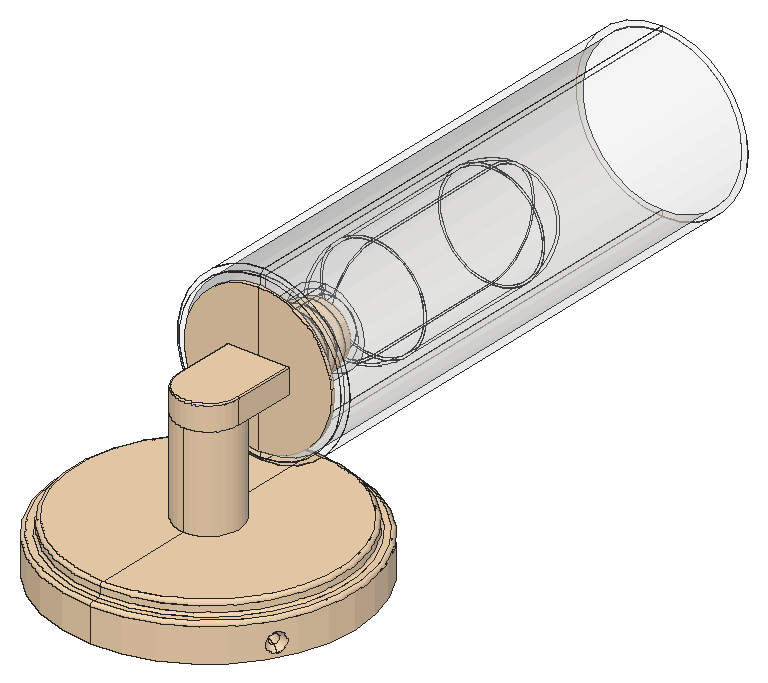
Revit family "Light_Fixture-Wall_Sconce-KOHLER-Crue-K-35872", category Lighting Fixtures, host Face, Revit 2021
Family settings
  Host = Face
  Round Connector Dimension = Use Diameter
  Part Type = Normal
  OmniClass Number = 23.35.47.11
  OmniClass Title = Lighting Fixtures
  Cut with Voids When Loaded = No
  Light Source = Yes
  Shared = No
  Room Calculation Point = No
Parameters (values of type "2GL-Brushed Modern Brass")
  Width = 3.85827"  # constant formula
  Wattage Comments = "40 W"  # constant formula
  Wattage = 60 W
  WaterSense Certified = 1 = 0  # no
  built-in parameter 1150110 = 1 (stored number, unit not read)
  Voltage = 120 V  # constant formula
  URL = "https://www.us.kohler.com/us/"
  Type = 1
  built-in parameter 1114217 = 1 (stored number, unit not read)
  built-in parameter 1150109 = 1 (stored number, unit not read)
  built-in parameter 1150134 = 1
  built-in parameter 1150113 = 1 (stored number, unit not read)
  Product Page URL = "http://www.us.kohler.com/us/catalog/productDetails.jsp?productId=35872-SC01"
  Product Name = "Crue"  # constant formula
  Product Documentation Link = "https://www.us.kohler.com/webassets/kpna/catalog/pdf/en/K-35872-SC01_spec_US-CA_Kohler_en.pdf"
  Model = if(Type = 1, "K-35872-SC01-2GL", if(Type = 2, "K-35872-SC01-BLL", if(Type = 3, "K-35872-SC01-BNL", if(Type = 4, "K-35872-SC01-CPL", if(Type = 5, "K-35872-SC01-TTL", "NA")))))  # "K-35872-SC01-2GL"
  Material = "Premium Metal Construction"  # constant formula
  Master Format 2014 Name = "Interior Lighting Fixtures, Lamps, And Ballasts"  # constant formula
  Master Format 2014 = "26 51 13"  # constant formula
  Manufacturer Address = "444 Highland Dr, Kohler, WI 53044"  # constant formula
  Manufacturer = "Kohler Co."  # constant formula
  built-in parameter 1150105 = 95.493 (stored number, unit not read)
  Lumens = 1200 lm
  built-in parameter 1150115 = 1 (stored number, unit not read)
  Light Source Symbol Size = 5"  # constant formula
  built-in parameter 1150137 = (empty or 0)
  built-in parameter 1150139 = (empty or 0)
  Length = 4.72441"  # constant formula
  built-in parameter 1150112 = 1 (stored number, unit not read)
  built-in parameter 1150114 = 1 (stored number, unit not read)
  Lamp = "1*E12 Type T Max 40W"  # constant formula
  built-in parameter 1150132 = (empty or 0)
  built-in parameter 1150102 = (empty or 0)
  built-in parameter 1150107 = 6500 (stored number, unit not read)
  built-in parameter 1150138 = (empty or 0)
  built-in parameter 1150106 = 0.95493 (stored number, unit not read)
  Height = 11.48425"  # constant formula
  Hardware Included = 1 = 0  # no
  Finish = KOHLER-Metal-2GL-Brushed_Modern_Brass
  Environmental Product Declaration = ""
  Emit from Line Length = 3"
  Electrical Note = "One Dedicated Cicuit Required"  # constant formula
  Electrical Connector = 1 = 1  # yes
  built-in parameter 1150104 = 1.8581 (stored number, unit not read)
  Dimming Lamp Color Temperature Shift = Incandescent Lamp Curve
  Description = "1-Light Sconce"  # constant formula
  Default Elevation = 60"
  Declare Label = ""
  Date Modified = "01/12/2023"  # constant formula
  Date Created = "01/12/2023"  # constant formula
  Copyright = "Copyright Kohler Co."  # constant formula
  Contact Us = "https://www.us.kohler.com/us/static/contact.jsp"
  Color Filter = 16777215
  built-in parameter 1114218 = 1 (stored number, unit not read)
  built-in parameter 1150133 = 10 (stored number, unit not read)
  Assembly Code = "D5040.50"
  Apparent Load = 40 VA  # constant formula
  ADA Compliant = 1 = 0  # no
Types (6): name | Type | Model | Finish
  (no name) | 1 | "K-35872-SC01-2GL" | KOHLER-Metal-2GL-Brushed_Modern_Brass
  2GL-Brushed Modern Brass | 1 | "K-35872-SC01-2GL" | KOHLER-Metal-2GL-Brushed_Modern_Brass
  BLL-Matte Black | 2 | "K-35872-SC01-BLL" | KOHLER-Metal-BLL-Matte_Black
  BNL-Brushed Nickel | 3 | "K-35872-SC01-BNL" | KOHLER-Metal-BNL-Brushed_Nickel
  CPL-Polished Chrome | 4 | "K-35872-SC01-CPL" | KOHLER-Metal-CPL-Polished_Chrome
  TTL-Titanium | 5 | "K-35872-SC01-TTL" | KOHLER-Metal-TTL-Titanium
Reference planes (in)
  plane 1 "Center (Front/Back)": y = 0
  plane 2: z = 0
  plane 3 "Center (Left/Right)": x = 0
  plane 4: z = 2.48031
  plane 5: z = 3.85827
  plane 6: z = 1.10236
  plane 7: y = -0.49213
  plane 8: y = 0.49213
  plane 9: y = -2.3622
  plane 10: z = 0.7874
  plane 11: z = 0.59055
  plane 12: y = 1.05118
  plane 13: y = 9.12205
  plane 14: y = 2.3622
  plane 15: x = -1.37795
  plane 16: x = -2.3622
  plane 17: x = -0.49213
  plane 18: x = 0.49213
  plane 19: x = 2.3622
  plane 20: x = 1.37795
  plane 21: y = 3.8622
Dimensions and locks (in)
  level to plane 5 = 3.85827"
  "Length": plane 16 to plane 19
  "Height": plane 13 to plane 9
  plane 12 to plane 13 = 8.07087"
  plane 9 to plane 14 = 4.72441"
  plane 1 "Center (Front/Back)" to plane 13 = 9.12205"
  level to plane 10 = 0.7874"
  plane 15 to plane 20 = 2.75591"
  plane 16 to plane 19 = 4.72441"
  "Width": level to plane 5
  aligned and locked: plane 2 to host face
  aligned and locked: level to host face
  aligned and locked: imposter light to plane 4
  aligned and locked: imposter light to plane 14
Automatic sketch dimensions
  host sketch curve to host sketch curve = 96"  (x2)
Nested families (in)
  nested 1: "K-35872" at (0, 0, 0), type "K-35872"
Connectors (in)
  electrical at (0, 0, 0), driven by "Voltage", driven by "Apparent Load", driven by "Electrical Connector", driven by "Electrical Note"
    settings: on nested 1, index 1, voltage 120 V, apparent load 40 VA, apparent load phase1 0 VA, apparent load phase2 0 VA, apparent load phase3 0 VA, power factor 1, load classification "Lighting", number of poles 1, system type 30, power factor state 1, is connector primary yes, connector utility yes, sub classification motor no, connector description "One Dedicated Cicuit Required"
Definition of nested family "K-35872"
  Parameters
    Material = none
    Default Elevation = 0"
  Reference planes (in)
    plane 1 "Center (Front/Back)": y = 0
    plane 2: z = 0
    plane 3 "Center (Left/Right)": x = 0
    plane 4: z = 3.85827
    plane 5: y = 9.12205
    plane 6: y = 2.3622
    plane 7: y = -2.3622
    plane 8: x = -2.3622
    plane 9: x = 2.3622
    plane 10: z = 2.48031
    plane 11: z = 1.10236
    plane 12: y = 1.05118
    plane 13: z = 0.7874
    plane 14: z = 0.59055
    plane 15: y = -0.49213
    plane 16: y = 0.49213
    plane 17: x = 0.49213
    plane 18: x = -0.49213
    plane 19: x = 1.37795
    plane 20: x = -1.37795
    plane 21: z = 0.21654
  Forms (in)
    Revolve 1, solid
      sketch origin (0, 0, 0) x (0, 1, 0) y (0, 0, 1)
        loop
          line (9.12205, 3.85827) -> (1.12992, 3.85827)
          arc (1.12992, 3.85827) -> (1.07424, 3.83521) -> (1.05118, 3.77953) r 0.07874
          line (1.05118, 3.77953) -> (1.05118, 3.13112)
          arc (1.05118, 3.13112) -> (1.08577, 3.0476) -> (1.16929, 3.01301) r 0.11811
          line (1.16929, 3.01301) -> (2.35039, 3.01301) -> (2.35039, 3.11143) -> (1.16939, 3.11143)
          arc (1.16939, 3.11143) -> (1.1554, 3.11723) -> (1.14961, 3.13122) r 0.01978
          line (1.14961, 3.13122) -> (1.14961, 3.75984) -> (9.12205, 3.75984) -> (9.12205, 3.85827)
        axis (9.12205, 2.48031) -> (1.05118, 2.48031)
      angle from 0 to 360
    Revolve 2, solid, material <- "Material"
      sketch origin (0, 0, 0) x (0, 1, 0) y (0, 0, 1)
        loop
          line (1.00394, 3.66261) -> (1.00394, 2.48151) -> (1.05118, 2.48151) -> (1.05118, 3.66261) -> (1.00394, 3.66261)
        axis (1.00394, 2.48031) -> (1.05118, 2.48031)
      angle from 0 to 360
    Revolve 3, solid, material <- "Material"
      sketch origin (0, 0, 0) x (0, 1, 0) y (0, 0, 1)
        loop
          line (-0.44488, 0.78159) -> (-0.44488, 0.82797) -> (-0.20079, 0.82797) -> (-0.20079, 0.90671) -> (-0.44488, 0.90671) -> (-0.44488, 2.28466) -> (-0.49213, 2.28466) -> (-0.49213, 0.78159) -> (-0.44488, 0.78159)
        axis (0, 0.78159) -> (0, 2.28466)
      angle from 0 to 360
    Sweep 4, solid, material <- "Material"
      path origin (0, 0, 0) x (1, 0, 0) y (0, 1, 0)
        loop
          line (-0.49213, 1.00394) -> (-0.49213, 0)
          arc (-0.49213, 0) -> (0, -0.49213) -> (0.49213, 0) r 0.49213
          line (0.49213, 0) -> (0.49213, 1.00394)
      profile origin (0, -0.49213, 0) x (0, 1, 0) y (0, 0, 1)
        loop
          line (0, 2.65868) -> (0, 2.28466) -> (0.09547, 2.28466) -> (0.09547, 2.67836) -> (0.01969, 2.67836)
          arc (0.01969, 2.67836) -> (0.00577, 2.6726) -> (0, 2.65868) r 0.01969
    Extrusion 5, solid, material <- "Material"
      sketch origin (-0.47244, 1.00394, 2.67836) x (0, -1, 0) y (1, 0, 0)
        loop
          line (0, 0.06397) -> (1.00394, 0.06397)
          arc (1.00394, 0.06397) -> (1.41241, 0.47244) -> (1.00394, 0.88091) r 0.40847
          line (1.00394, 0.88091) -> (0, 0.88091) -> (0, 0.06397)
      from 0 to -0.3937
    Revolve 6, solid, material <- "Material", detail levels medium+fine
      sketch origin (0, 0, 0) x (0, 1, 0) y (0, 0, 1)
        loop
          line (2.1089, 0.7874) -> (0, 0.7874) -> (0, 0) -> (2.3622, 0) -> (2.3622, 0.53547)
          arc (2.3622, 0.53547) -> (2.34607, 0.57442) -> (2.30712, 0.59055) r 0.05508
          line (2.30712, 0.59055) -> (2.20732, 0.59055)
          arc (2.20732, 0.59055) -> (2.17948, 0.60208) -> (2.16795, 0.62992) r 0.03937
          line (2.16795, 0.62992) -> (2.16795, 0.72835)
          arc (2.16795, 0.72835) -> (2.15066, 0.7701) -> (2.1089, 0.7874) r 0.05906
        axis (0, 0.7874) -> (0, 0)
      angle from 0 to 360
    Revolve 7, solid, material <- "Material"
      sketch origin (0, 0, 0) x (0, 1, 0) y (0, 0, 1)
        loop
          line (1.05118, 2.94411) -> (1.05118, 2.48031) -> (1.60236, 2.48031) -> (1.60236, 2.6883) -> (2.11274, 2.6883) -> (2.27165, 2.85872) -> (2.27165, 2.94411) -> (2.13249, 2.94411)
          arc (2.13249, 2.94411) -> (2.06591, 2.99951) -> (1.99933, 2.94411) r 0.06771
          line (1.99933, 2.94411) -> (1.95532, 2.94411)
          arc (1.95532, 2.94411) -> (1.88874, 2.99951) -> (1.82216, 2.94411) r 0.06771
          line (1.82216, 2.94411) -> (1.77816, 2.94411)
          arc (1.77816, 2.94411) -> (1.71158, 2.99951) -> (1.645, 2.94411) r 0.06771
          line (1.645, 2.94411) -> (1.60099, 2.94411)
          arc (1.60099, 2.94411) -> (1.53441, 2.99951) -> (1.46783, 2.94411) r 0.06771
          line (1.46783, 2.94411) -> (1.05118, 2.94411)
        axis (1.05118, 2.48031) -> (2.27165, 2.48031)
      angle from 0 to 360
    Extrusion 8, void
      sketch origin (0, 0, 0) x (1, 0, 0) y (0, 0, 1)
        loop
          arc (-0.19268, 2.61816) -> (-0.21231, 2.6036) -> (-0.23675, 2.60343) r 0.03937
          arc (-0.23675, 2.60343) -> (-0.40354, 2.48151) -> (-0.23675, 2.3596) r 0.12795
          arc (-0.23675, 2.3596) -> (-0.21231, 2.35942) -> (-0.19268, 2.34486) r 0.03937
          arc (-0.19268, 2.34486) -> (0, 2.24529) -> (0.19268, 2.34486) r 0.23622
          arc (0.19268, 2.34486) -> (0.21231, 2.35942) -> (0.23675, 2.3596) r 0.03937
          arc (0.23675, 2.3596) -> (0.40354, 2.48151) -> (0.23675, 2.60343) r 0.12795
          arc (0.23675, 2.60343) -> (0.21231, 2.6036) -> (0.19268, 2.61816) r 0.03937
          arc (0.19268, 2.61816) -> (0, 2.71773) -> (-0.19268, 2.61816) r 0.23622
      from -2.77492 to -1.14961
    Revolve 9, void
      sketch origin (0, 0, 0) x (0, 1, 0) y (0, 0, 1)
        loop
          line (2.25655, 0.29815) -> (1.88298, 0.29815) -> (1.88298, 0.21654) -> (2.39165, 0.21654) -> (2.39165, 0.38588) -> (2.25655, 0.29815)
        axis (1.88298, 0.21654) -> (2.39165, 0.21654)
      angle from 0 to 360
    Revolve 10, void
      sketch origin (0, 0, 0) x (-0.866025, -0.5, 0) y (0, 0, 1)
        loop
          line (2.25655, 0.29815) -> (1.88298, 0.29815) -> (1.88298, 0.21654) -> (2.39165, 0.21654) -> (2.39165, 0.38588) -> (2.25655, 0.29815)
        axis (1.88298, 0.21654) -> (2.39165, 0.21654)
      angle from 0 to 360
    Revolve 11, void
      sketch origin (0, 0, 0) x (0.866025, -0.5, 0) y (0, 0, -1)
        loop
          line (2.25655, -0.29815) -> (2.39165, -0.38588) -> (2.39165, -0.21654) -> (1.88298, -0.21654) -> (1.88298, -0.29815) -> (2.25655, -0.29815)
        axis (1.88298, -0.21654) -> (2.39165, -0.21654)
      angle from 0 to 360
    Revolve 12, solid
      sketch origin (0, 0, 0) x (0, 1, 0) y (0, 0, 1)
        loop
          line (2.14018, 2.71773) -> (2.14018, 2.48031) -> (2.43627, 2.48031)
          arc (2.43627, 2.48031) -> (2.71535, 3.06193) -> (3.31576, 3.2979) r 0.88183
          line (3.31576, 3.2979) -> (5.69516, 3.2979)
          arc (5.69516, 3.2979) -> (6.27328, 3.05843) -> (6.51275, 2.48031) r 0.81758
          line (6.51275, 2.48031) -> (6.55212, 2.48031)
          arc (6.55212, 2.48031) -> (6.30112, 3.08627) -> (5.69516, 3.33727) r 0.85695
          line (5.69516, 3.33727) -> (3.31576, 3.33727)
          arc (3.31576, 3.33727) -> (2.84627, 3.20865) -> (2.50787, 2.85872) r 0.9212
          line (2.50787, 2.85872) -> (2.27165, 2.85872) -> (2.14018, 2.71773)
        axis (2.14018, 2.48031) -> (6.55212, 2.48031)
      angle from 0 to 360
    Revolve 13, solid, material <- "Material", detail levels coarse
      sketch origin (0, 0, 0) x (0, 1, 0) y (0, 0, 1)
        loop
          line (2.24409, 0.7874) -> (0, 0.7874) -> (0, 0) -> (2.3622, 0) -> (2.3622, 0.66929)
          arc (2.3622, 0.66929) -> (2.32761, 0.75281) -> (2.24409, 0.7874) r 0.11811
        axis (0, 0.7874) -> (0, 0)
      angle from 0 to 360
  Cuts and joins
    joined: Revolve 3, Sweep 4, Extrusion 5
    Extrusion 8 cuts Revolve 7
    Revolve 9, Revolve 10, Revolve 11 cuts Revolve 6
  Lines and regions (in)
    Masking region 1
      outline origin (0, 0, 0) x (1, 0, 0) y (0, 1, 0)
        loop
          line (-1.37795, 9.12205) -> (-1.37795, 1.91866)
          arc (-1.37795, 1.91866) -> (0, -2.3622) -> (1.37795, 1.91866) r 2.3622
          line (1.37795, 1.91866) -> (1.37795, 9.12205) -> (-1.37795, 9.12205)
    Masking region 2
      outline origin (0, 0, 0) x (1, 0, 0) y (0, 0, 1)
        loop
          arc (0.49213, 1.19324) -> (0, 3.85827) -> (-0.49213, 1.19324) r 1.37795
          line (-0.49213, 1.19324) -> (-0.49213, 0.7874) -> (-2.10926, 0.7874)
          arc (-2.10926, 0.7874) -> (-2.15102, 0.7701) -> (-2.16832, 0.72835) r 0.05906
          line (-2.16832, 0.72835) -> (-2.16832, 0.62992)
          arc (-2.16832, 0.62992) -> (-2.17985, 0.60208) -> (-2.20769, 0.59055) r 0.03937
          line (-2.20769, 0.59055) -> (-2.30315, 0.59055)
          arc (-2.30315, 0.59055) -> (-2.34491, 0.57325) -> (-2.3622, 0.5315) r 0.05906
          line (-2.3622, 0.5315) -> (-2.3622, 0) -> (2.3622, 0) -> (2.3622, 0.5315)
          arc (2.3622, 0.5315) -> (2.34491, 0.57325) -> (2.30315, 0.59055) r 0.05906
          line (2.30315, 0.59055) -> (2.20769, 0.59055)
          arc (2.20769, 0.59055) -> (2.17985, 0.60208) -> (2.16832, 0.62992) r 0.03937
          line (2.16832, 0.62992) -> (2.16832, 0.72835)
          arc (2.16832, 0.72835) -> (2.15102, 0.7701) -> (2.10926, 0.7874) r 0.05906
          line (2.10926, 0.7874) -> (0.49213, 0.7874) -> (0.49213, 1.19324)
    Masking region 3
      outline origin (0, 0, 0) x (0, 1, 0) y (0, 0, 1)
        loop
          arc (1.12992, 3.85827) -> (1.07424, 3.83521) -> (1.05118, 3.77953) r 0.07874
          line (1.05118, 3.77953) -> (1.05118, 3.66261) -> (1.00394, 3.66261) -> (1.00394, 2.67836) -> (-0.47244, 2.67836)
          arc (-0.47244, 2.67836) -> (-0.48636, 2.6726) -> (-0.49213, 2.65868) r 0.01969
          line (-0.49213, 2.65868) -> (-0.49213, 0.7874) -> (-2.10891, 0.7874)
          arc (-2.10891, 0.7874) -> (-2.15067, 0.7701) -> (-2.16797, 0.72835) r 0.05906
          line (-2.16797, 0.72835) -> (-2.16797, 0.62992)
          arc (-2.16797, 0.62992) -> (-2.1795, 0.60208) -> (-2.20734, 0.59055) r 0.03937
          line (-2.20734, 0.59055) -> (-2.30315, 0.59055)
          arc (-2.30315, 0.59055) -> (-2.34491, 0.57325) -> (-2.3622, 0.5315) r 0.05906
          line (-2.3622, 0.5315) -> (-2.3622, 0) -> (2.3622, 0) -> (2.3622, 0.5315)
          arc (2.3622, 0.5315) -> (2.34491, 0.57325) -> (2.30315, 0.59055) r 0.05906
          line (2.30315, 0.59055) -> (2.20734, 0.59055)
          arc (2.20734, 0.59055) -> (2.1795, 0.60208) -> (2.16797, 0.62992) r 0.03937
          line (2.16797, 0.62992) -> (2.16797, 0.72835)
          arc (2.16797, 0.72835) -> (2.15067, 0.7701) -> (2.10891, 0.7874) r 0.05906
          line (2.10891, 0.7874) -> (0.49213, 0.7874) -> (0.49213, 2.28466) -> (1.00394, 2.28466) -> (1.00394, 1.29802) -> (1.05118, 1.29802) -> (1.05118, 1.1811)
          arc (1.05118, 1.1811) -> (1.07424, 1.12542) -> (1.12992, 1.10236) r 0.07874
          line (1.12992, 1.10236) -> (9.12205, 1.10236) -> (9.12205, 3.85827) -> (1.12992, 3.85827)
    symbolic lines, detail levels medium+fine
      curve 1: line (-1.37795, 1.91866, 0) -> (-1.37795, 1.12992, 0)
      curve 2: line (-1.29921, 1.05118, 0) -> (1.29921, 1.05118, 0)
      curve 3: line (1.18222, 1.00394, 0) -> (-1.18222, 1.00394, 0)
      curve 4: line (-1.18222, 1.00394, 0) -> (-1.18222, 1.05118, 0)
      curve 5: line (-0.49213, 1.00394, 0) -> (-0.49213, 0, 0)
      curve 6: arc (-1.37795, 1.12992, 0) -> (-1.35489, 1.07424, 0) -> (-1.29921, 1.05118, 0) r 0.07874
      curve 7: arc (-1.37795, 1.67033, 0) -> (0, -2.16535, 0) -> (1.37795, 1.67033, 0) r 2.16535
      curve 8: arc (-1.37795, 1.57755, 0) -> (0, -2.09462, 0) -> (1.37795, 1.57755, 0) r 2.09462
      curve 9: arc (-1.37795, 1.7297, 0) -> (0, -2.21148, 0) -> (1.37795, 1.7297, 0) r 2.21148
      curve 10: arc (-1.37795, 1.85649, 0) -> (0, -2.312, 0) -> (1.37795, 1.85649, 0) r 2.312
      curve 11: line (-1.37795, 1.12992, 0) -> (1.37795, 1.12992, 0)
      curve 12: arc (-0.49213, 0, 0) -> (0, -0.49213, 0) -> (0.49213, 0, 0) r 0.49213
      curve 13: line (1.37795, 1.91866, 0) -> (1.37795, 1.12992, 0)
      curve 14: line (1.18222, 1.00394, 0) -> (1.18222, 1.05118, 0)
      curve 15: line (0.49213, 1.00394, 0) -> (0.49213, 0, 0)
      curve 16: arc (1.37795, 1.12992, 0) -> (1.35489, 1.07424, 0) -> (1.29921, 1.05118, 0) r 0.07874
      curve 17: line (-0.47244, 1.00394, 0) -> (-0.47244, 0, 0)
      curve 18: arc (-0.47244, 0, 0) -> (0, -0.47244, 0) -> (0.47244, 0, 0) r 0.47244
      curve 19: line (0.47244, 0, 0) -> (0.47244, 1.00394, 0)
      curve 20: circle (0, 0, 0.21654) r 0.08162 normal (0, -1, 0)
      curve 21: circle (0.00298, 0, 0.21654) r 0.15058 normal (0, -1, 0)
      curve 22: line (0.01903, 0, 0.25935) -> (0.01903, 0, 0.2959)
      curve 23: line (-0.01903, 0, 0.25919) -> (-0.01903, 0, 0.2959)
      curve 24: line (0.01903, 0, 0.17388) -> (0.01903, 0, 0.13717)
      curve 25: line (-0.01903, 0, 0.17388) -> (-0.01903, 0, 0.13717)
      curve 26: line (0.04265, 0, 0.19751) -> (0.07937, 0, 0.19751)
      curve 27: line (0.04281, 0, 0.23556) -> (0.07937, 0, 0.23556)
      curve 28: line (-0.04265, 0, 0.19751) -> (-0.07937, 0, 0.19751)
      curve 29: line (-0.04265, 0, 0.23556) -> (-0.07937, 0, 0.23556)
      curve 30: arc (0.01903, 0, 0.25935) -> (0.02599, 0, 0.24253) -> (0.04281, 0, 0.23556) r 0.02378
      curve 31: arc (-0.04265, 0, 0.23556) -> (-0.02595, 0, 0.24248) -> (-0.01903, 0, 0.25919) r 0.02362
      curve 32: arc (-0.01903, 0, 0.17388) -> (-0.02595, 0, 0.19059) -> (-0.04265, 0, 0.19751) r 0.02362
      curve 33: arc (0.04265, 0, 0.19751) -> (0.02595, 0, 0.19059) -> (0.01903, 0, 0.17388) r 0.02362
      curve 34: circle (0, 0, 2.47912) r 1.27953 normal (0, -1, 0)
      curve 35: circle (0, 0, 2.47912) r 0.8575 normal (0, -1, 0)
      curve 36: circle (0, 0, 2.47912) r 0.81866 normal (0, -1, 0)
      curve 37: circle (0, 0, 2.47912) r 0.40352 normal (0, -1, 0)
      curve 38: circle (0, 0, 2.48151) r 0.53269 normal (0, -1, 0)
      curve 39: circle (0, 0, 2.47912) r 0.51809 normal (0, -1, 0)
      curve 40: circle (0, 0, 2.47912) r 0.46379 normal (0, -1, 0)
      curve 41: circle (0.27559, 0, 2.48031) r 0.12795 normal (0, -1, 0)
      curve 42: arc (0, 0, 2.71773) -> (0.1112, 0, 2.69008) -> (0.19649, 0, 2.61357) r 0.23742
      curve 43: circle (-0.27559, 0, 2.48031) r 0.12795 normal (0, 1, 0)
      curve 44: arc (0, 0, 2.71773) -> (-0.1112, 0, 2.69008) -> (-0.19649, 0, 2.61357) r 0.23742
      curve 45: circle (0.27521, 0, 2.47912) r 0.08302 normal (0, -1, 0)
      curve 46: circle (0.27597, 0, 2.47912) r 0.05121 normal (0, -1, 0)
      curve 47: arc (0.19649, 0, 2.34706) -> (0.1112, 0, 2.27055) -> (0, 0, 2.2429) r 0.23742
      curve 48: arc (-0.19649, 0, 2.34706) -> (-0.1112, 0, 2.27055) -> (0, 0, 2.2429) r 0.23742
      curve 49: arc (0.19649, 0, 2.61357) -> (0.21443, 0, 2.60059) -> (0.23652, 0, 2.60216) r 0.03242
      curve 50: circle (-0.27521, 0, 2.47912) r 0.08302 normal (0, 1, 0)
      curve 51: circle (-0.27597, 0, 2.47912) r 0.05121 normal (0, 1, 0)
      curve 52: arc (-0.19649, 0, 2.61357) -> (-0.21443, 0, 2.60059) -> (-0.23652, 0, 2.60216) r 0.03242
      curve 53: arc (-0.19649, 0, 2.34706) -> (-0.21443, 0, 2.36004) -> (-0.23652, 0, 2.35847) r 0.03242
      curve 54: arc (0.19649, 0, 2.34706) -> (0.21443, 0, 2.36004) -> (0.23652, 0, 2.35847) r 0.03242
      curve 55: arc (0.49213, 0, 1.19324) -> (0, 0, 1.10236) -> (-0.49213, 0, 1.19324) r 1.37795
      curve 56: line (0.49213, 0, 0.7874) -> (-0.49213, 0, 0.7874)
      curve 57: line (2.16832, 0, 0.72835) -> (-2.16832, 0, 0.72835)
      curve 58: line (-2.16832, 0, 0.62992) -> (2.16832, 0, 0.62992)
      curve 59: line (2.20769, 0, 0.59055) -> (-2.20769, 0, 0.59055)
      curve 60: line (-2.3622, 0, 0.5315) -> (2.3622, 0, 0.5315)
      curve 61: line (0, 1.12992, 3.85827) -> (0, 1.12992, 1.10236)
      curve 62: line (0, 1.05118, 3.66261) -> (0, 1.05118, 1.29802)
      curve 63: line (0, 1.00394, 2.67836) -> (0, 1.00394, 2.28466)
      curve 64: line (0, -0.49213, 2.65868) -> (0, 1.00394, 2.65868)
      curve 65: line (0, 0.49213, 2.28466) -> (0, -0.49213, 2.28466)
      curve 66: line (0, -0.49213, 0.7874) -> (0, 0.49213, 0.7874)
      curve 67: line (0, -2.16797, 0.72835) -> (0, 2.16797, 0.72835)
      curve 68: line (0, 2.16797, 0.62992) -> (0, -2.16797, 0.62992)
      curve 69: line (0, -2.20734, 0.59055) -> (0, 2.20734, 0.59055)
      curve 70: line (0, 2.3622, 0.5315) -> (0, -2.3622, 0.5315)
      curve 71: spline (0, -1.1811, 0.06599) -> (0, -1.21435, 0.07175) -> (0, -1.24521, 0.08714) -> (0, -1.27164, 0.11112) -> (0, -1.29188, 0.14211) -> (0, -1.30459, 0.17804) -> (0, -1.30893, 0.21654) -> (0, -1.30459, 0.25503) -> (0, -1.29188, 0.29096) -> (0, -1.27164, 0.32195) -> (0, -1.24521, 0.34594) -> (0, -1.21435, 0.36132) -> (0, -1.1811, 0.36708)
      curve 72: spline (0, -1.1811, 0.36708) -> (0, -1.14786, 0.36132) -> (0, -1.117, 0.34594) -> (0, -1.09057, 0.32195) -> (0, -1.07032, 0.29096) -> (0, -1.05761, 0.25503) -> (0, -1.05328, 0.21654) -> (0, -1.05761, 0.17804) -> (0, -1.07032, 0.14211) -> (0, -1.09057, 0.11112) -> (0, -1.117, 0.08714) -> (0, -1.14786, 0.07175) -> (0, -1.1811, 0.06599)
      curve 73: line (0, -1.18065, 0.3474) -> (0, -1.18065, 0.08567)
      curve 74: line (0, -1.18065, 0.3474) -> (0, -1.18065, 0.08567)
      curve 75: line (0, -1.19773, 0.34701) -> (0, -1.19773, 0.24147)
      curve 76: line (0, -1.19773, 0.24147) -> (0, -1.28742, 0.24147)
      curve 77: line (0, -1.16358, 0.34701) -> (0, -1.16358, 0.24147)
      curve 78: line (0, -1.16358, 0.24147) -> (0, -1.07535, 0.24147)
      curve 79: line (0, -1.19773, 0.08606) -> (0, -1.19773, 0.1916)
      curve 80: line (0, -1.19773, 0.1916) -> (0, -1.28742, 0.1916)
      curve 81: line (0, -1.16358, 0.08606) -> (0, -1.16358, 0.1916)
      curve 82: line (0, -1.16358, 0.1916) -> (0, -1.07535, 0.1916)
  Dimensions and locks (in)
    plane 1 "Center (Front/Back)" to plane 5 = 9.12205"
    level to plane 4 = 3.85827"
    plane 19 to plane 20 = 2.75591"
    plane 7 to plane 5 = 11.48425"
    plane 12 to plane 5 = 8.07087"
    plane 9 to plane 8 = 4.72441"
    plane 7 to plane 6 = 4.72441"
    plane 13 to level = 0.7874"
    aligned and locked: plane 2 to level
